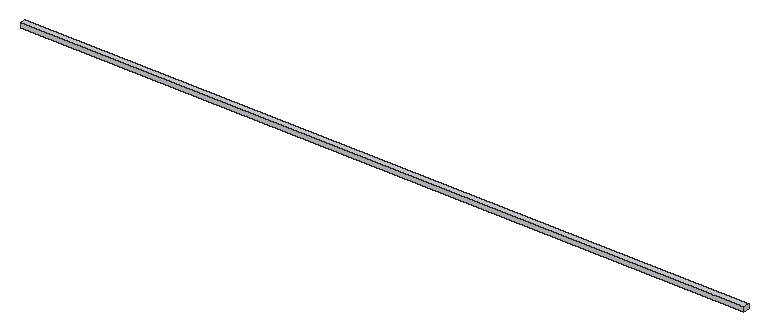
Revit family "ECO BRILLOSA 2835 IP20_S12608.W", category Luminarias, Revit 2019
Family settings
  Cota de conector redondo = Diámetro de uso
  Tipo de pieza = Normal
  Se basa en plano de trabajo = Sí
  Siempre vertical = No
  Corte con vacíos al cargar = No
  Origen de luz = Sí
  Compartido = No
  Punto de cálculo de habitación = No
Parameters (values of type "ECO BRILLOSA 2835 IP20_S12608.W")
  Tilt Angle = 60.00°
  Zone [instance] = ""
  Watt per fixture [instance] = (Longitud / 1000 mm) * (4.8)  # 4.8
  Wattage = 4.8 W
  built-in parameter 1150107 = 3000 (stored number, unit not read)
  built-in parameter 1150110 = 1 (stored number, unit not read)
  built-in parameter 1150109 = 1 (stored number, unit not read)
  built-in parameter 1150112 = 1 (stored number, unit not read)
  built-in parameter 1150113 = 1 (stored number, unit not read)
  built-in parameter 1114218 = 1 (stored number, unit not read)
  built-in parameter 1150137 = (empty or 0)
  built-in parameter 1150132 = (empty or 0)
  Modelo = "S12608.W"
  Lámpara = "2835 SMD"
  Longitud de línea de emisión = 600 mm
  Longitud [instance] = 1000 mm
  built-in parameter 1150105 = 44197.5 (stored number, unit not read)
  built-in parameter 1150102 = (empty or 0)
  built-in parameter 1150106 = 441.98 (stored number, unit not read)
  Lumens = 460.8 lm
  Color Filter = 16777215
  built-in parameter 1114217 = 1 (stored number, unit not read)
  built-in parameter 1150139 = (empty or 0)
  Fabricante = "BRILLANT"
  Default Elevation = 0 mm
  built-in parameter 1150104 = 8.9187 (stored number, unit not read)
  Descripción = "TIRA LED ECOBRILLOSA 8MM DE ANCHO IP20 USO PARA INTERIORES, DE PCB BLANCO SIN RECUBRIMIENTO, MONO CROMATICA, CON UNA POTENCIA DE 4.8W/M DE UN TIPO DE LED 2835 SMD, IRC80, 60 LEDS POR METRO, PRESENTACION DE 5M, TEMPERATURA EN BLANCO CALIDO 3000K, 460 LUMENES POR METRO, EFICIENCIA DE 96 LM/W, CORTE A 5CM, ALIMENTADA A 12V, REQUIERE ACCESORIOS COMO FUENTE DE PODER Y CABLE DE ALIMENTACION. PERFIL EN CASO DE SER NECESARIO."
  built-in parameter 1150115 = 1 (stored number, unit not read)
  built-in parameter 1150114 = 1 (stored number, unit not read)
  Cost = 0
  Comentarios de vataje = "12V"
  built-in parameter 1150138 = (empty or 0)
  built-in parameter 1150134 = (empty or 0)
  Circuit [instance] = ""
  Dimming Lamp Color Temperature Shift = (empty or 0)
  Archivo de red fotométrica = "S242210.W.1.IES"
  Ancho = 8 mm
  built-in parameter 1150133 = 10 (stored number, unit not read)
Reference planes
  plane 1 "Centro (Frontal/Posterior)": y = 0
  plane 2: z = 0
  plane 3 "Centro (Izquierda/Derecha)": x = 0
  plane 4: x = 0
  plane 5: z = 12
  plane 6: x = -1000
  plane 7: y = 4
  plane 8: y = -4
Forms (mm)
  Extrusion 1, solid
    sketch origin (0, 0, 0) x (1, 0, 0) y (0, 1, 0)
      loop
        line (-1000, 4) -> (-1000, -4) -> (0, -4) -> (0, 4) -> (-1000, 4)
    from 0 to 6.038
Dimensions and locks
  "Longitud": plane 6 to plane 4
  equal spacing: plane 7, plane 1 "Centro (Frontal/Posterior)", plane 8
  plane 1 "Centro (Frontal/Posterior)" to plane 7 = 4 mm
  "Ancho": plane 7 to plane 8
  "Longitud": plane 6 to plane 3 "Centro (Izquierda/Derecha)"
  aligned and locked: level to plane 2
  aligned and locked: Extrusion 1 to plane 4
  aligned and locked: plane 6 to Extrusion 1
  aligned and locked: plane 3 "Centro (Izquierda/Derecha)" to Extrusion 1
  aligned and locked: Extrusion 1 to plane 7
  aligned and locked: Extrusion 1 to plane 8
Automatic sketch dimensions
  Extrusion 1 sketch curve to plane 6 = 0 mm
  Extrusion 1 sketch curve to plane 3 "Centro (Izquierda/Derecha)" = 0 mm
  plane 1 "Centro (Frontal/Posterior)" to Extrusion 1 sketch curve = 4 mm
  Extrusion 1 sketch curve to plane 1 "Centro (Frontal/Posterior)" = 4 mm
Connectors
  electrical at (0, 0, 3.019)
    settings: on Extrusion 1, index 1, voltage 12 V, apparent load 0 VA, apparent load phase1 0 VA, apparent load phase2 0 VA, apparent load phase3 0 VA, power factor 1, load classification "Otro", number of poles 1, system type 31, power factor state 1, is connector primary yes, connector utility no, sub classification motor no, connector description ""
